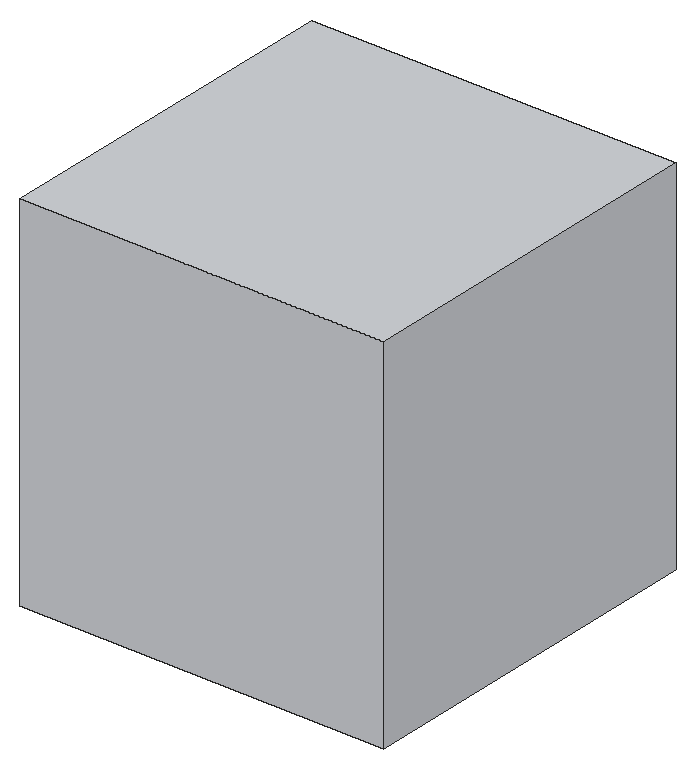
Revit family "EA_Motor_V1700", category Elektrische Ausstattung, Revit 2017
Family settings
  Schalttafelkonfiguration = 2 Spalten, Stromkreise nach rechts
  Bemaßung runder Anschluss = Durchmesser verwenden
  Teiletyp = Verteilerkasten
  OmniClass-Nummer = 23.80.10.21
  OmniClass-Titel = Electric Motors
  Arbeitsebenenbasiert = Nein
  Immer vertikal = Ja
  Beim Laden mit Abzugskörper schneiden = Nein
  Gemeinsam genutzt = Nein
  Raumberechnungspunkt = Nein
Parameters (values of type "400V_INSTA")
  pbr_Material_KZ = ""
  pbr_Material = none
  pbr_E_Typ = ""
  pbr_E_KZ = ""
  pbr_DINBild = 0
  pbr_Bild = 0
  cpiFitMatchKey [instance] = "E-EMO3"
  Wirkleistung [instance] = 0 W
  Typ [instance] = ""
  Tiefe = 500 mm
  Text3 [instance] = ""
  Text2 [instance] = ""
  Text1 [instance] = ""
  Spannung Phase zu Phase [instance] = 0 V
  Spannung = "400"
  Scheinleistung [instance] = 0 VA
  Scheinlast [instance] = 0 VA
  Polig [instance] = 1
  Planungsbüro Rohling = "www.pbr.de"
  Motor 400V (INSTA) = yes
  Motor 230V (RWA) = no
  Motor 230V (KAS) = no
  Motor 230V (INSTA) = no
  Menge(Dosenzahl) [instance] = 0
  Länge = 500 mm
  Linie/Anschluss [instance] = ""
  Leistungsfaktor [instance] = 0
  Lastklassifizierung [instance] = none
  Installationsart [instance] = ""
  Info [instance] = ""
  Höhe = 500 mm
  Gewerk [instance] = "Steck"
  Anlaufstrom [instance] = 0
Types (4, lengths in mm): name | cpiFitMatchKey | Tiefe | Spannung | Motor 400V (INSTA) | Motor 230V (RWA) | Motor 230V (KAS) | Motor 230V (INSTA) | Länge | Höhe | Gewerk
  230V_KAS | "E-EMO1" | 100 | "230" | no | no | yes | no | 100 | 100 | "KAS"
  400V_INSTA | "E-EMO3" | 500 | "400" | yes | no | no | no | 500 | 500 | "Steck"
  230V_RWA | "E-EMO1" | 100 | "230" | no | yes | no | no | 100 | 100 | "RWA"
  230V_INSTA | "E-EMO1" | 100 | "230" | no | no | no | yes | 100 | 100 | "Steck"
Reference planes
  plane 1 "Mitte (Vorne/Hinten)": y = 0
  plane 2: z = 0
  plane 3 "Mitte (Links/Rechts)": x = 0
  plane 4: z = 500
  plane 5: y = 250
  plane 6: x = -250
  plane 7: x = 250
  plane 8: y = -250
Forms (mm)
  Sweep 1, solid
    path origin (0, 0, 0) x (1, 0, 0) y (0, 0, 1)
      loop
        line (0, 0) -> (0, 500)
    profile origin (0, 0, 250) x (-1, 0, 0) y (0, -1, 0)
      loop
        line (250, 250) -> (-250, 250) -> (-250, -250) -> (250, -250) -> (250, 250)
Dimensions and locks
  "Höhe": plane 4 to level
  equal spacing: plane 6, plane 3 "Mitte (Links/Rechts)", plane 7
  "Länge": plane 6 to plane 7
  equal spacing: plane 5, plane 1 "Mitte (Vorne/Hinten)", plane 8
  "Tiefe": plane 5 to plane 8
  aligned and locked: level to plane 2
  aligned and locked: plane 4 to Sweep 1 sketch curve
  aligned and locked: level to Sweep 1 sketch curve
  aligned and locked: plane 5 to Sweep 1 sketch curve
  aligned and locked: plane 7 to Sweep 1 sketch curve
  aligned and locked: Sweep 1 sketch curve to plane 8
  aligned and locked: Sweep 1 sketch curve to plane 6
Automatic sketch dimensions
  Sweep 1 sketch curve to plane 3 "Mitte (Links/Rechts)" = 0 mm
Nested families
  nested 1: "Motor (KAS)" at (0, 200, 0), visible <- "Motor 230V (KAS)", type "Motor (KAS)"
  nested 2: "Motor-230VInsta" at (0, 200, 0), visible <- "Motor 230V (INSTA)", type "Motor-230VInsta"
  nested 3: "Motor-230VRWA" at (0, 200, 0), visible <- "Motor 230V (RWA)", type "Motor-230VRWA"
  nested 4: "Motor-400VInsta" at (0, 200, 0), visible <- "Motor 400V (INSTA)", type "Motor-400VInsta"
Connectors
  electrical at (0, 0, 0)
    settings: index 1, voltage 0 V, apparent load 0 VA, apparent load phase1 0 VA, apparent load phase2 0 VA, apparent load phase3 0 VA, power factor 1, load classification "Sonstige", number of poles 1, system type 31, power factor state 1, is connector primary yes, connector utility no, sub classification motor no, connector description ""
Definition of nested family "Motor (KAS)"
  Reference planes
    plane 1 "Mitte (Vorne/Hinten)": y = 0
    plane 2: z = 0
    plane 3 "Mitte (Links/Rechts)": x = 0
  Lines and regions (mm)
    Filled region 1, type "Beton", in view "Referenzebene"
      outline origin (417.839, -640.489, 0) x (1, 0, 0) y (0, 1, 0)
        loop
          line (-472.839, 540.489) -> (-472.839, 707.8) -> (-427.76, 539.562) -> (-407.76, 539.562) -> (-360.675, 710.489) -> (-360.675, 540.489) -> (-340.675, 540.489) -> (-340.675, 740.931) -> (-368.557, 740.931) -> (-415.782, 569.498) -> (-461.598, 740.489) -> (-493.311, 740.489) -> (-493.311, 540.489) -> (-472.839, 540.489)
    detail lines, in view "Referenzebene"
      curve 1: circle (0.252, 0.103, 0) r 200 normal (0, 0, 1)
Definition of nested family "Motor-230VInsta"
  Parameters (values of type "Motor-230VInsta")
    Motor allg = no
    M-Phase = yes
    400V = no
    230V = yes
  Reference planes
    plane 1 "Mitte (Vorne/Hinten)": y = 0
    plane 2: z = 0
    plane 3 "Mitte (Links/Rechts)": x = 0
  Lines and regions (mm)
    Filled region 1, type "Beton", in view "Referenzebene", visible <- "230V"
      outline origin (-1063.862, -343.694, 0) x (1, 0, 0) y (0, 1, 0)
        loop
          line (1038.862, 163.694) -> (1038.862, 294.473) -> (1030.702, 294.473)
          spline (1030.702, 294.473) -> (1028.972, 290.76) -> (1027.445, 287.824) -> (1026.039, 285.442) -> (1024.674, 283.391) -> (1023.265, 281.448) -> (1021.723, 279.407) -> (1019.895, 277.182) -> (1017.611, 274.729) -> (1014.699, 272.003) -> (1010.987, 268.958) -> (1006.303, 265.551) -> (1000.477, 261.736)
          line (1000.477, 261.736) -> (1000.477, 246.339)
          spline (1000.477, 246.339) -> (1001.607, 246.667) -> (1003.546, 247.689) -> (1005.946, 249.138) -> (1008.465, 250.75) -> (1010.891, 252.364) -> (1013.178, 253.94) -> (1015.287, 255.445) -> (1017.182, 256.848) -> (1018.913, 258.217) -> (1020.759, 259.885) -> (1023.039, 262.227) -> (1026.071, 265.618)
          line (1026.071, 265.618) -> (1026.071, 163.694) -> (1038.862, 163.694)
    Filled region 2, type "Beton", in view "Referenzebene", visible <- "M-Phase"
      outline origin (-1062.796, -342.792, 0) x (1, 0, 0) y (0, 1, 0)
        loop
          line (1070.047, 231.267) -> (1070.047, 212.939)
          spline (1070.047, 212.939) -> (1076.789, 220.343) -> (1082.957, 224.235) -> (1088.709, 225.339) -> (1094.208, 224.378) -> (1099.612, 222.074) -> (1105.083, 219.151) -> (1110.764, 216.314) -> (1116.693, 214.16) -> (1122.865, 213.245) -> (1129.276, 214.122) -> (1135.921, 217.346) -> (1142.796, 223.471)
          line (1142.796, 223.471) -> (1142.796, 242.328)
          spline (1142.796, 242.328) -> (1133.929, 233.446) -> (1126.601, 230.22) -> (1120.645, 230.565) -> (1115.895, 232.406) -> (1112.035, 234.331) -> (1108.454, 236.223) -> (1104.508, 238.117) -> (1099.554, 240.046) -> (1093.209, 241.7) -> (1085.842, 241.774) -> (1077.954, 238.789) -> (1070.047, 231.267)
    Filled region 3, type "Beton", in view "Referenzebene", visible <- "M-Phase"
      outline origin (417.839, -580.489, 0) x (1, 0, 0) y (0, 1, 0)
        loop
          line (-472.839, 540.489) -> (-472.839, 707.8) -> (-427.76, 539.562) -> (-407.76, 539.562) -> (-360.675, 710.489) -> (-360.675, 540.489) -> (-340.675, 540.489) -> (-340.675, 740.931) -> (-368.557, 740.931) -> (-415.782, 569.498) -> (-461.598, 740.489) -> (-493.311, 740.489) -> (-493.311, 540.489) -> (-472.839, 540.489)
    detail lines, in view "Referenzebene"
      curve 1: circle (0.252, 0.103, 0) r 200 normal (0, 0, 1)
Definition of nested family "Motor-230VRWA"
  Parameters (values of type "Motor-230VRWA")
    Motor allg = no
    M-Phase = yes
    400V = no
    230V = yes
  Reference planes
    plane 1 "Mitte (Vorne/Hinten)": y = 0
    plane 2: z = 0
    plane 3 "Mitte (Links/Rechts)": x = 0
  Lines and regions (mm)
    Filled region 1, type "Beton", in view "Referenzebene"
      outline origin (417.839, -640.489, 0) x (1, 0, 0) y (0, 1, 0)
        loop
          line (-472.839, 540.489) -> (-472.839, 707.8) -> (-427.76, 539.562) -> (-407.76, 539.562) -> (-360.675, 710.489) -> (-360.675, 540.489) -> (-340.675, 540.489) -> (-340.675, 740.931) -> (-368.557, 740.931) -> (-415.782, 569.498) -> (-461.598, 740.489) -> (-493.311, 740.489) -> (-493.311, 540.489) -> (-472.839, 540.489)
    detail lines, in view "Referenzebene"
      curve 1: circle (0.252, 0.103, 0) r 200 normal (0, 0, 1)
Definition of nested family "Motor-400VInsta"
  Parameters (values of type "Motor-400VInsta")
    Motor allg = no
    M-Phase = yes
    400V = yes
    230V = no
  Reference planes
    plane 1 "Mitte (Vorne/Hinten)": y = 0
    plane 2: z = 0
    plane 3 "Mitte (Links/Rechts)": x = 0
  Lines and regions (mm)
    Filled region 1, type "Beton", in view "Referenzebene", visible <- "M-Phase"
      outline origin (-1062.796, -342.792, 0) x (1, 0, 0) y (0, 1, 0)
        loop
          line (1070.047, 231.267) -> (1070.047, 212.939)
          spline (1070.047, 212.939) -> (1076.789, 220.343) -> (1082.957, 224.235) -> (1088.709, 225.339) -> (1094.208, 224.378) -> (1099.612, 222.074) -> (1105.083, 219.151) -> (1110.764, 216.314) -> (1116.693, 214.16) -> (1122.865, 213.245) -> (1129.276, 214.122) -> (1135.921, 217.346) -> (1142.796, 223.471)
          line (1142.796, 223.471) -> (1142.796, 242.328)
          spline (1142.796, 242.328) -> (1133.929, 233.446) -> (1126.601, 230.22) -> (1120.645, 230.565) -> (1115.895, 232.406) -> (1112.035, 234.331) -> (1108.454, 236.223) -> (1104.508, 238.117) -> (1099.554, 240.046) -> (1093.209, 241.7) -> (1085.842, 241.774) -> (1077.954, 238.789) -> (1070.047, 231.267)
    Filled region 2, type "Beton", in view "Referenzebene", visible <- "M-Phase"
      outline origin (417.839, -580.489, 0) x (1, 0, 0) y (0, 1, 0)
        loop
          line (-472.839, 540.489) -> (-472.839, 707.8) -> (-427.76, 539.562) -> (-407.76, 539.562) -> (-360.675, 710.489) -> (-360.675, 540.489) -> (-340.675, 540.489) -> (-340.675, 740.931) -> (-368.557, 740.931) -> (-415.782, 569.498) -> (-461.598, 740.489) -> (-493.311, 740.489) -> (-493.311, 540.489) -> (-472.839, 540.489)
    Filled region 3, type "Beton", in view "Referenzebene", visible <- "400V"
      outline origin (-459.483, -408.901, 0) x (1, 0, 0) y (0, 1, 0)
        loop
          spline (395.551, 325.075) -> (398.028, 335.804) -> (401.407, 342.055) -> (408.616, 347.603) -> (414.783, 348.635) -> (422.582, 346.401) -> (427.789, 341.365) -> (430.895, 334.484) -> (431.539, 326.365) -> (429.931, 318.111) -> (424.984, 311.65) -> (418.73, 307.772) -> (408.144, 306.602)
          line (408.144, 306.602) -> (406.731, 292.554)
          spline (406.731, 292.554) -> (417.431, 294.249) -> (423.688, 292.619) -> (428.62, 289.235) -> (432.276, 284.478) -> (434.675, 279.214) -> (435.823, 274.425) -> (436.201, 268.696) -> (435.531, 261.595) -> (432.876, 254.098) -> (428.144, 247.489) -> (421.925, 243.206) -> (415.766, 241.827)
          spline (415.766, 241.827) -> (412.203, 242.001) -> (409.068, 242.686) -> (406.701, 243.711) -> (404.903, 244.833) -> (403.275, 246.234) -> (401.591, 248.052) -> (399.973, 250.236) -> (398.539, 252.738) -> (397.29, 255.56) -> (396.202, 258.725) -> (395.225, 262.497) -> (394.279, 267.419)
          line (394.279, 267.419) -> (381.499, 265.265)
          spline (381.499, 265.265) -> (384.286, 251.788) -> (390.121, 240.749) -> (400.869, 231.701) -> (414.604, 228.59) -> (426.599, 230.727) -> (434.759, 235.457) -> (442.091, 243.445) -> (447.545, 254.216) -> (449.745, 267.714) -> (448.81, 279.413) -> (445.323, 289.192) -> (433.307, 300.304)
          line (433.307, 300.304) -> (430.275, 301.408)
          spline (430.275, 301.408) -> (440.156, 310.89) -> (444.325, 323.4) -> (443.856, 335.28) -> (440.98, 344.262) -> (435.986, 351.785) -> (428.86, 357.709) -> (420.455, 360.935) -> (411.086, 361.482) -> (401.096, 358.624) -> (392.562, 351.798) -> (387.051, 343.236) -> (382.764, 327.94)
          line (382.764, 327.94) -> (395.551, 325.075)
    detail lines, in view "Referenzebene"
      curve 1: circle (0.252, 0.103, 0) r 200 normal (0, 0, 1)
